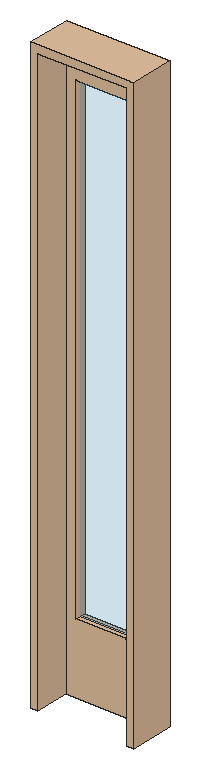
Revit family "M_Porta-Externa-Lateral_Leve-Vidro plano completo-Revestida_Madeira", category Portas, Revit 2019
Family settings
  Hospedeiro = Parede
  Número OmniClass = 23.30.10.14
  Título OmniClass = Passage Doors by Material
  Sempre na vertical = Sim
  Corte com vazios quando carregada = Não
  Compartilhado = Não
  Ponto de cálculo do ambiente = Não
Parameters (values of type "300 x 2000mm")
  Visual Light Transmittance = 0
  Material da apara = Cerejeira
  Corrimão superior = 120 mm
  Espessura = 35 mm
  Resistência térmica (R) = 0.188367 (m²·K)/W
  Estilos = 35 mm
  Solar Heat Gain Coefficient = 0
  Rough Width = Largura + 50 mm  # 350 mm
  Altura bruta = Altura + 25 mm  # 2025 mm
  Material do painel = Cerejeira
  Altura = 2000 mm
  Fechamento da parede = Por hospedeiro
  Largura = 300 mm
  Coeficiente de transferência de calor (U) = 5.30918 W/(m²·K)
  Vidraça = Vidro
  Função = Exterior
  Material da moldura = Cerejeira
  Deslocamento da porta [instance] = 0 mm
  Corrimão inferior = 240 mm
  Construction Type = ""
  Código de montagem = "B2030100"
  Construção analítica = "Porta francesa, moldura de madeira com vidro único"
Reference planes
  plane 1 "Centro (Frente/Trás)": y = 0
  plane 2 "Centro (Esquerda/Direita)": x = 0
  plane 3 "Esquerda": x = -175
  plane 4 "Direita": x = 175
  plane 5 "Superior": z = 2025
  plane 6 "Deslocamento da porta": y = 73.025
  plane 7 "Interior": y = -79.375
  plane 8 "Painel esquerdo da porta": x = -150
  plane 9 "Painel direito da porta": x = 150
  plane 10 "Topo do painel": z = 2000
  plane 11: z = 0
  plane 12: z = 0
  plane 13: x = 168.65
  plane 14: y = 38.025
  plane 15: y = 3.1
  plane 16: x = 137.3
  plane 17: y = 38.025
  plane 18: z = 1000
  plane 19: z = 1880
  plane 20 "2": x = -115
  plane 21: y = 52.025
  plane 22: y = 59.025
  plane 23: y = 45.025
  plane 24: y = 66.025
  plane 25: z = 1000
  plane 26: z = 0
  plane 27 "1": x = 115
  plane 28: x = -17.5
  plane 29: x = 17.5
  plane 30: z = 965
  plane 31: x = 98.8
  plane 32: y = 49.692
  plane 33: y = 61.358
  plane 34: z = 240
  plane 35: y = 55.525
  plane 36 "Exterior": y = 73.025
Forms (mm)
  Sweep 1, solid, material "Cerejeira" <- "Material da moldura"
    path origin (0, 0, 0) x (1, 0, 0) y (0, 0, 1)
      loop
        line (175, 0) -> (175, 2025) -> (-175, 2025) -> (-175, 0)
    profile origin (175, 0, 1012.5) x (-1, 0, 0) y (0, -1, 0)
      loop
        line (25, -73.025) -> (25, 79.375) -> (0, 79.375) -> (0, -73.025) -> (25, -73.025)
  Extrusion 2, solid, material "Cerejeira" <- "Material do painel"
    sketch origin (0, 0, 0) x (1, 0, 0) y (0, 0, 1)
      loop
        line (150, 2000) -> (-150, 2000) -> (-150, 0) -> (150, 0) -> (150, 2000)
      loop
        line (-115, 1880) -> (-115, 240) -> (115, 240) -> (115, 1880) -> (-115, 1880)
    from -73.025 to -38.025
  Extrusion 3, solid, material "Vidro" <- "Vidraça"
    sketch origin (0, 0, 0) x (1, 0, 0) y (0, 0, 1)
      loop
        line (-115, 1880) -> (-115, 240) -> (115, 240) -> (115, 1880) -> (-115, 1880)
    from -59.025 to -52.025
Lines and regions (mm)
  Opening 1
    outline origin (-2286, -79.375, 0) x (1, 0, 0) y (0, 0, 1)
      loop
        line (2111, 0) -> (2461, 0) -> (2461, 2025) -> (2111, 2025) -> (2111, 0)
  Masking region 1
    outline origin (0, 0, 0) x (1, 0, 0) y (0, 1, 0)
      loop
        line (-175, 73.025) -> (-175, -79.375) -> (-150, -79.375) -> (-150, 73.025) -> (-175, 73.025)
      loop
        line (175, 73.025) -> (150, 73.025) -> (150, -79.375) -> (175, -79.375) -> (175, 73.025)
  Masking region 2
    outline origin (0, 0, 0) x (0, 1, 0) y (0, 0, 1)
      loop
        line (73.025, 2025) -> (-79.375, 2025) -> (-79.375, 2018.65) -> (73.025, 2018.65) -> (73.025, 2025)
  Masking region 3
    outline origin (0, 0, 0) x (1, 0, 0) y (0, 1, 0)
      loop
        line (-150, 73.025) -> (-150, 38.025) -> (150, 38.025) -> (150, 73.025) -> (-150, 73.025)
  model lines, style "DoorsGlassProjection"
    curve 1: line (115, 55.525, 1880) -> (115, 55.525, 240)
    curve 2: line (-115, 55.525, 1880) -> (-115, 55.525, 240)
  symbolic lines, style "DoorsGlassProjection"
    curve 3: line (-150, 55.525, 0) -> (150, 55.525, 0)
Text (mm)
  text "Exterior" at (-1904.17, 693.701, 0), in view "Nível de referência"
  text "Interior" at (-1904.17, -638.649, 0), in view "Nível de referência"
  text "Exterior" at (0, 1019.848, 3124.603), in view "Direita"
  text "Interior" at (0, -1635.541, 3124.603), in view "Direita"
  text "Interior" at (0, -787.806, 3124.376), in view "Esquerda"
  text "Exterior" at (0, 1386.095, 3124.376), in view "Esquerda"
Dimensions and locks
  equal spacing: plane 3 "Esquerda", plane 2 "Centro (Esquerda/Direita)", plane 4 "Direita"
  "Altura bruta": level to plane 5 "Superior"
  equal spacing: plane 8 "Painel esquerdo da porta", plane 2 "Centro (Esquerda/Direita)", plane 9 "Painel direito da porta"
  "Largura": plane 8 "Painel esquerdo da porta" to plane 9 "Painel direito da porta"
  "Altura": level to plane 10 "Topo do painel"
  plane 11 to plane 12 = 0 mm
  locked: plane 13 to plane 4 "Direita" at 6.35
  "Espessura": plane 14 to plane 6 "Deslocamento da porta"
  locked: plane 14 to plane 15 at 34.925
  locked: plane 16 to plane 9 "Painel direito da porta" at 12.7
  "Espessura": plane 6 "Deslocamento da porta" to plane 17
  "Rough Width": plane 3 "Esquerda" to plane 4 "Direita"
  "Corrimão superior": plane 19 to plane 10 "Topo do painel"
  "Estilos": plane 8 "Painel esquerdo da porta" to plane 20 "2"
  equal spacing: plane 11, plane 25, plane 10 "Topo do painel"
  plane 22 to plane 21 = 7 mm
  plane 12 to plane 26 = 0 mm
  "Estilos": plane 27 "1" to plane 9 "Painel direito da porta"
  "Estilos": plane 30 to plane 25
  "Estilos": plane 29 to plane 28
  equal spacing: plane 29, plane 2 "Centro (Esquerda/Direita)", plane 28
  plane 31 to plane 4 "Direita" = 76.2 mm
  equal spacing: plane 17, plane 23, plane 21, plane 22, plane 24, plane 6 "Deslocamento da porta"
  equal spacing: plane 17, plane 32, plane 33, plane 6 "Deslocamento da porta"
  "Corrimão inferior": plane 26 to plane 34
  equal spacing: plane 22, plane 35, plane 21
  equal spacing: plane 17, curve 3, plane 6 "Deslocamento da porta"
  "Deslocamento da porta": plane 36 "Exterior" to plane 6 "Deslocamento da porta"
  aligned and locked: plane 3 "Esquerda" to Opening 1 sketch curve
  aligned and locked: plane 5 "Superior" to Opening 1 sketch curve  (x2)
  aligned and locked: Opening 1 sketch curve to plane 4 "Direita"
  aligned and locked: Opening 1 sketch curve to level
  aligned and locked: plane 7 "Interior" to host wall
  aligned and locked: plane 5 "Superior" to Sweep 1 sketch curve
  aligned and locked: plane 4 "Direita" to Sweep 1 sketch curve
  aligned and locked: Sweep 1 sketch curve to plane 3 "Esquerda"
  aligned and locked: plane 11 to level
  aligned and locked: plane 11 to Sweep 1 sketch curve  (x2)
  aligned and locked: Sweep 1 sketch curve to plane 9 "Painel direito da porta"
  aligned and locked: Sweep 1 sketch curve to plane 7 "Interior"
  aligned and locked: Extrusion 2 sketch curve to plane 10 "Topo do painel"
  aligned and locked: Extrusion 2 sketch curve to plane 8 "Painel esquerdo da porta"
  aligned and locked: Extrusion 2 to plane 17
  aligned and locked: Extrusion 2 to plane 6 "Deslocamento da porta"
  aligned and locked: Extrusion 2 sketch curve to plane 20 "2"
  aligned and locked: Extrusion 3 sketch curve to plane 20 "2"
  aligned and locked: plane 22 to Extrusion 3
  aligned and locked: Extrusion 3 to plane 21
  aligned and locked: Masking region 1 sketch curve to plane 3 "Esquerda"
  aligned and locked: plane 8 "Painel esquerdo da porta" to Masking region 1 sketch curve
  aligned and locked: Masking region 1 sketch curve to plane 7 "Interior"
  aligned and locked: plane 6 "Deslocamento da porta" to Masking region 1 sketch curve
  aligned and locked: plane 9 "Painel direito da porta" to Masking region 1 sketch curve
  aligned and locked: Masking region 1 sketch curve to plane 4 "Direita"
  aligned and locked: plane 7 "Interior" to Masking region 1 sketch curve
  aligned and locked: Masking region 1 sketch curve to plane 6 "Deslocamento da porta"
  aligned and locked: host wall to Sweep 1 sketch curve
  aligned and locked: Masking region 2 sketch curve to host wall
  aligned and locked: host wall to Masking region 2 sketch curve
  aligned and locked: plane 7 "Interior" to Masking region 2 sketch curve
  aligned and locked: Extrusion 3 sketch curve to plane 27 "1"
  aligned and locked: plane 19 to Extrusion 2
  aligned and locked: plane 25 to plane 18
  aligned and locked: plane 34 to Extrusion 2
  aligned and locked: Extrusion 3 to plane 34
  aligned and locked: Masking region 3 sketch curve to Extrusion 2  (x3)
  aligned and locked: Sweep 1 to Masking region 3 sketch curve
  aligned and locked: curve 1 to plane 35
  aligned and locked: plane 19 to curve 1
  aligned and locked: plane 34 to curve 1
  aligned and locked: curve 2 to plane 35
  aligned and locked: plane 19 to curve 2
  aligned and locked: plane 34 to curve 2
  aligned and locked: plane 8 "Painel esquerdo da porta" to curve 3
  aligned and locked: plane 9 "Painel direito da porta" to curve 3
  aligned and locked: host wall to plane 36 "Exterior"
  aligned and locked: plane 6 "Deslocamento da porta" to Sweep 1 sketch curve
Automatic sketch dimensions
  plane 5 "Superior" to Masking region 2 sketch curve = 6.35 mm
  plane 27 "1" to Extrusion 2 sketch curve = 0 mm
  plane 9 "Painel direito da porta" to Extrusion 2 sketch curve = 0 mm
  Extrusion 2 sketch curve to plane 26 = 0 mm
  Extrusion 2 sketch curve to plane 19 = 0 mm
  Extrusion 2 sketch curve to plane 26 = 240 mm
  Extrusion 3 sketch curve to plane 19 = 0 mm
  Extrusion 3 sketch curve to plane 34 = 0 mm
Types in the file's own list only (11): name | Transmissão de luz visual | Resistência térmica (R) | Coeficiente de ganho de calor solar | Largura bruta | Altura bruta | Altura | Largura | Coeficiente de transferência de calor (U)
  330 x 2000mm | 0 | 0.1884 (m²·K)/W | 0 | 380 mm | 2025 mm | 2000 mm | 330 mm | 5.3092 W/(m²·K)
  350 x 2000mm | 0 | 0.1884 (m²·K)/W | 0 | 400 mm | 2025 mm | 2000 mm | 350 mm | 5.3092 W/(m²·K)
  380 x 2000mm | 0 | 0.1884 (m²·K)/W | 0 | 430 mm | 2025 mm | 2000 mm | 380 mm | 5.3092 W/(m²·K)
  300 x 2100mm | 0 | 0.1884 (m²·K)/W | 0 | 350 mm | 2125 mm | 2100 mm | 300 mm | 5.3092 W/(m²·K)
  330 x 2100mm | 0 | 0.1884 (m²·K)/W | 0 | 380 mm | 2125 mm | 2100 mm | 330 mm | 5.3092 W/(m²·K)
  350 x 2100mm | 0 | 0.1884 (m²·K)/W | 0 | 400 mm | 2125 mm | 2100 mm | 350 mm | 5.3092 W/(m²·K)
  380 x 2100mm | 0 | 0.1884 (m²·K)/W | 0 | 430 mm | 2125 mm | 2100 mm | 380 mm | 5.3092 W/(m²·K)
  300 x 2400mm | 0 | 0.1884 (m²·K)/W | 0 | 350 mm | 2425 mm | 2400 mm | 300 mm | 5.3092 W/(m²·K)
  330 x 2400mm | 0 | 0.1884 (m²·K)/W | 0 | 380 mm | 2425 mm | 2400 mm | 330 mm | 5.3092 W/(m²·K)
  350 x 2400mm | 0 | 0.1884 (m²·K)/W | 0 | 400 mm | 2425 mm | 2400 mm | 350 mm | 5.3092 W/(m²·K)
  380 x 2400mm | 0 | 0.1884 (m²·K)/W | 0 | 430 mm | 2425 mm | 2400 mm | 380 mm | 5.3092 W/(m²·K)
